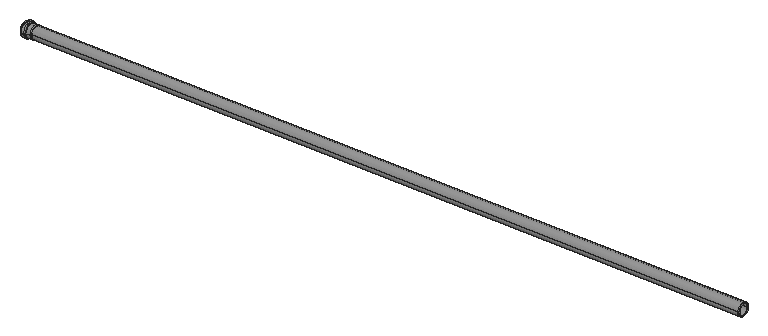
Revit family "PF_ACO D50X3000 PC 98514", category Pipe Fittings, Revit 2015
Parameters (values of type "ACO PIPE D5XL PC 98514")
  URL for TCP = "http://www.tcpbim.co.za"
  URL = "http://www.acobuildingdrainage.co.za"
  Type Comments = ""
  Model = "98514"
  Manufacturer = "ACO"
  Made by = "Tolani Civil Projects cc"
  Description = "PIPE D50xL"
Reference planes
  plane 1 "Center (Front/Back)": y = 0
  plane 2: z = 0
  plane 3 "Center (Left/Right)": x = 0
  plane 4: x = 3000
  plane 5: x = -42
Forms (mm)
  Revolve 1, solid, material "Stainless Steel, Polished"
    sketch origin (5, 0, 0) x (1, 0, 0) y (0, 1, 0)
      loop
        arc (-43.466, -26.5) -> (-42.319, -26.862) -> (-41.587, -27.816) r 2
        line (-41.587, -27.816) -> (-41.237, -28.776)
        arc (-41.237, -28.776) -> (-40.139, -30.207) -> (-38.418, -30.75) r 3
        line (-38.418, -30.75) -> (-28.313, -30.75)
        arc (-28.313, -30.75) -> (-26.592, -30.207) -> (-25.494, -28.776) r 3
        line (-25.494, -28.776) -> (-25.144, -27.816)
        arc (-25.144, -27.816) -> (-24.412, -26.862) -> (-23.265, -26.5) r 2
        line (-23.265, -26.5) -> (-5, -26.5) -> (0, -25) -> (2991.231, -25) -> (2995, -23.99) -> (2995, -22.955) -> (2991.099, -24) -> (0, -24) -> (0, -20.5) -> (-5, -20.5) -> (-5, -25.5) -> (-23.265, -25.5)
        arc (-23.265, -25.5) -> (-24.986, -26.043) -> (-26.084, -27.474) r 3
        line (-26.084, -27.474) -> (-26.433, -28.434)
        arc (-26.433, -28.434) -> (-27.166, -29.388) -> (-28.313, -29.75) r 2
        line (-28.313, -29.75) -> (-38.418, -29.75)
        arc (-38.418, -29.75) -> (-39.565, -29.388) -> (-40.297, -28.434) r 2
        line (-40.297, -28.434) -> (-40.647, -27.474)
        arc (-40.647, -27.474) -> (-41.745, -26.043) -> (-43.466, -25.5) r 3
        line (-43.466, -25.5) -> (-47, -25.5) -> (-47, -26.5) -> (-43.466, -26.5)
      axis (2995, 0) -> (-47, 0)
    angle from 0 to 360
Dimensions and locks
  locked: plane 3 "Center (Left/Right)" to plane 4 at 3000
  plane 5 to plane 4 = 3042 mm
  aligned and locked: level to plane 2
Connectors
  piping at (0, 0, 0), diameter 50
    settings: on Revolve 1, index 1, connector inside diameter 609.6 mm, connector length 0 mm, flow factor 0, pipe flow 0.0 L/s, pressure drop 0.0 Pa, fitting loss kfactor 0, connector angle 0.00°, fixture units 0, engagement length 0 mm, angle of deflection 0.00°, flow configuration 0, flow direction 0, fitting loss method 0, system type 22, joint type 0, gender type 0, connector reference index 2, connector utility 0, adjustable connector no, is connector primary yes, connector description ""
  piping at (3000, 0, 0), diameter 50
    settings: on Revolve 1, index 2, connector inside diameter 609.6 mm, connector length 0 mm, flow factor 0, pipe flow 0.0 L/s, pressure drop 0.0 Pa, fitting loss kfactor 0, connector angle 0.00°, fixture units 0, engagement length 0 mm, angle of deflection 0.00°, flow configuration 0, flow direction 0, fitting loss method 0, system type 22, joint type 0, gender type 0, connector reference index 1, connector utility 0, adjustable connector no, is connector primary no, connector description ""
